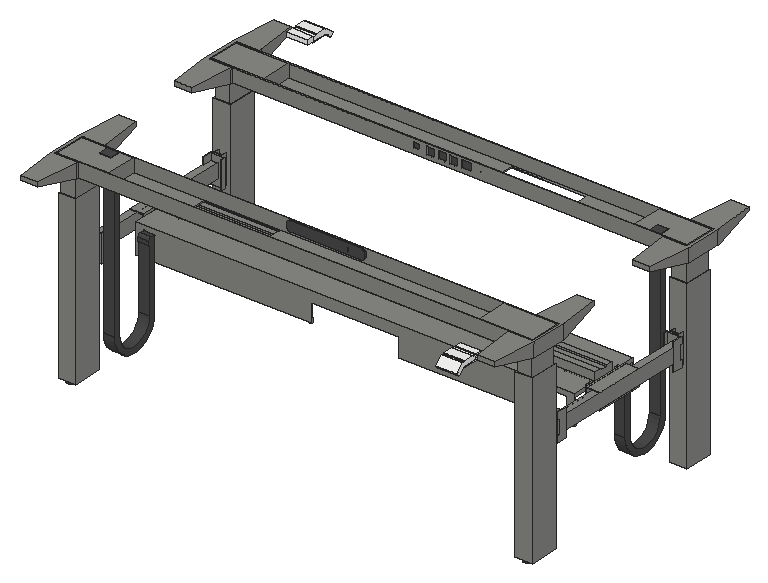
Revit family "Support-Teknion-HNBFNA_Navigate_Frame-R2016", category Furniture, Revit 2016 (continued)
Dimensions and locks (in)
  "Mid Cover Power Pole Cutout (B)": Sweep 67 sketch curve to level
  Sweep 67 sketch curve to plane 1 "Center Front/Back" to Sweep 67 sketch curve = 1.375" locked, 1.375" locked
  plane 10 to Sweep 67 sketch curve to Sweep 67 sketch curve = 1.53302" locked, 2.500" locked
  Sweep 68 sketch curve to plane 3 "Center Left/Right" to Sweep 68 sketch curve = 7.250" locked, 7.250" locked
  Sweep 68 sketch curve to Sweep 68 sketch curve to Sweep 68 sketch curve to plane 1 "Center Front/Back" to Sweep 68 sketch curve to Sweep 68 sketch curve to Sweep 68 sketch curve = 0.533" locked, 0.048" locked, 1.394" locked, 1.394" locked, 0.048" locked, 0.533" locked
  Sweep 68 sketch curve to Sweep 68 sketch curve to Sweep 68 sketch curve to Sweep 68 sketch curve to Sweep 68 sketch curve to Sweep 68 sketch curve to level = 0.000" locked, 0.048" locked, 0.000" locked, 4.054" locked, 0.048" locked, 11.1918" locked
  Sweep 69 sketch curve to plane 3 "Center Left/Right" to Sweep 69 sketch curve = 6.49606" locked, 6.49606" locked
  Sweep 69 sketch curve to Sweep 69 sketch curve to plane 1 "Center Front/Back" to Sweep 69 sketch curve to Sweep 69 sketch curve = 0.11811" locked, 1.442" locked, 1.442" locked, 0.11811" locked
  Sweep 69 sketch curve to Sweep 69 sketch curve to Sweep 69 sketch curve to Sweep 69 sketch curve to level = 0.000" locked, 2.87402" locked, 0.000" locked, 11.63618" locked
  Sweep 70 sketch curve to plane 1 "Center Front/Back" to Sweep 70 sketch curve = 1.975" locked, 1.975" locked
  Sweep 70 sketch curve to Sweep 70 sketch curve to Sweep 70 sketch curve to Sweep 70 sketch curve to Sweep 70 sketch curve to Sweep 70 sketch curve to Sweep 70 sketch curve to Sweep 70 sketch curve to Sweep 70 sketch curve to plane 3 "Center Left/Right" to Sweep 70 sketch curve to Sweep 70 sketch curve to Sweep 70 sketch curve to Sweep 70 sketch curve to Sweep 70 sketch curve to Sweep 70 sketch curve to Sweep 70 sketch curve to Sweep 70 sketch curve to Sweep 70 sketch curve = 0.11811" locked, 0.000" locked, 2.65748" locked, 0.000" locked, 0.11811" locked, 1.04921" locked, 0.05906" locked, 0.000" locked, 1.29528" locked, 1.29528" locked, 0.000" locked, 0.05906" locked, 1.04921" locked, 0.11811" locked, 0.000" locked, 2.65748" locked, 0.000" locked, 0.11811" locked
  Sweep 70 sketch curve to Sweep 70 sketch curve to Sweep 70 sketch curve to Sweep 70 sketch curve to Sweep 70 sketch curve to Sweep 70 sketch curve to Sweep 70 sketch curve to Sweep 70 sketch curve to Sweep 70 sketch curve to Sweep 70 sketch curve to Sweep 70 sketch curve to Sweep 70 sketch curve to Sweep 70 sketch curve to Sweep 70 sketch curve to Sweep 70 sketch curve to Sweep 70 sketch curve to Sweep 70 sketch curve to Sweep 70 sketch curve to level = 0.000" locked, 0.11811" locked, 0.000" locked, 0.000" locked, 0.000" locked, 0.07677" locked, 0.05906" locked, 0.000" locked, 1.26378" locked, 0.000" locked, 0.05906" locked, 0.07677" locked, 0.000" locked, 0.000" locked, 0.000" locked, 0.11811" locked, 0.000" locked, 11.97082" locked
  Sweep 71 sketch curve to Sweep 71 sketch curve to plane 1 "Center Front/Back" = 1.12573" locked, 0.59163" locked
  Sweep 71 sketch curve to Sweep 71 sketch curve to Sweep 71 sketch curve to Sweep 71 sketch curve to Sweep 71 sketch curve to Sweep 71 sketch curve to Sweep 71 sketch curve to Sweep 71 sketch curve to Sweep 71 sketch curve to Sweep 71 sketch curve to Sweep 71 sketch curve to Sweep 71 sketch curve to Sweep 71 sketch curve to Sweep 71 sketch curve to Sweep 71 sketch curve to Sweep 71 sketch curve to Sweep 71 sketch curve to Sweep 71 sketch curve to Sweep 71 sketch curve to Sweep 71 sketch curve to plane 3 "Center Left/Right" to Sweep 71 sketch curve to Sweep 71 sketch curve to Sweep 71 sketch curve to Sweep 71 sketch curve to Sweep 71 sketch curve to Sweep 71 sketch curve to Sweep 71 sketch curve to Sweep 71 sketch curve to Sweep 71 sketch curve to Sweep 71 sketch curve to Sweep 71 sketch curve to Sweep 71 sketch curve to Sweep 71 sketch curve to Sweep 71 sketch curve to Sweep 71 sketch curve to Sweep 71 sketch curve to Sweep 71 sketch curve to Sweep 71 sketch curve to Sweep 71 sketch curve to Sweep 71 sketch curve = 0.12362" locked, 0.00068" locked, 0.08285" locked, 0.0325" locked, 0.37676" locked, 0.0325" locked, 0.24712" locked, 0.000" locked, 0.15488" locked, 0.68724" locked, 0.0325" locked, 0.37676" locked, 0.0325" locked, 0.24712" locked, 0.000" locked, 0.15488" locked, 0.11517" locked, 0.00004" locked, 0.12495" locked, 2.4347" locked, 2.44402" locked, 0.12362" locked, 0.00068" locked, 0.08285" locked, 0.0325" locked, 0.37676" locked, 0.0325" locked, 0.24712" locked, 0.000" locked, 0.15488" locked, 0.68724" locked, 0.0325" locked, 0.37676" locked, 0.0325" locked, 0.24712" locked, 0.000" locked, 0.15488" locked, 0.11517" locked, 0.00004" locked, 0.12495" locked
  Sweep 71 sketch curve to Sweep 71 sketch curve to Sweep 71 sketch curve to Sweep 71 sketch curve to Sweep 71 sketch curve to Sweep 71 sketch curve to Sweep 71 sketch curve to Sweep 71 sketch curve to Sweep 71 sketch curve to Sweep 71 sketch curve to Sweep 71 sketch curve to Sweep 71 sketch curve to Sweep 71 sketch curve to Sweep 71 sketch curve to Sweep 71 sketch curve to Sweep 71 sketch curve to Sweep 71 sketch curve to Sweep 71 sketch curve to Sweep 71 sketch curve to Sweep 71 sketch curve to Sweep 71 sketch curve to Sweep 71 sketch curve to Sweep 71 sketch curve to Sweep 71 sketch curve to Sweep 71 sketch curve to Sweep 71 sketch curve to Sweep 71 sketch curve to Sweep 71 sketch curve to Sweep 71 sketch curve to Sweep 71 sketch curve to Sweep 71 sketch curve to Sweep 71 sketch curve to Sweep 71 sketch curve to Sweep 71 sketch curve to Sweep 71 sketch curve to Sweep 71 sketch curve to level = 0.000" locked, 0.12362" locked, 0.000" locked, 0.00137" locked, 0.000" locked, 0.39467" locked, 0.000" locked, 0.000" locked, 0.000" locked, 0.18676" locked, 0.000" locked, 0.000" locked, 0.000" locked, 0.00174" locked, 0.000" locked, 0.000" locked, 0.000" locked, 0.30976" locked, 0.000" locked, 0.000" locked, 0.000" locked, 0.00174" locked, 0.000" locked, 0.000" locked, 0.000" locked, 0.18676" locked, 0.000" locked, 0.000" locked, 0.000" locked, 0.39471" locked, 0.000" locked, 0.00064" locked, 0.000" locked, 0.1243" locked, 0.000" locked, 11.97825" locked
  Sweep 72 sketch curve to Sweep 72 sketch curve to plane 1 "Center Front/Back" = 1.12573" locked, 0.59163" locked
  Sweep 72 sketch curve to Sweep 72 sketch curve to Sweep 72 sketch curve to Sweep 72 sketch curve to Sweep 72 sketch curve to Sweep 72 sketch curve to Sweep 72 sketch curve to Sweep 72 sketch curve to Sweep 72 sketch curve to Sweep 72 sketch curve to Sweep 72 sketch curve to Sweep 72 sketch curve to Sweep 72 sketch curve to Sweep 72 sketch curve to Sweep 72 sketch curve to Sweep 72 sketch curve to Sweep 72 sketch curve to Sweep 72 sketch curve to Sweep 72 sketch curve to Sweep 72 sketch curve to plane 3 "Center Left/Right" to Sweep 72 sketch curve to Sweep 72 sketch curve to Sweep 72 sketch curve to Sweep 72 sketch curve to Sweep 72 sketch curve to Sweep 72 sketch curve to Sweep 72 sketch curve to Sweep 72 sketch curve to Sweep 72 sketch curve to Sweep 72 sketch curve to Sweep 72 sketch curve to Sweep 72 sketch curve to Sweep 72 sketch curve to Sweep 72 sketch curve to Sweep 72 sketch curve to Sweep 72 sketch curve to Sweep 72 sketch curve to Sweep 72 sketch curve to Sweep 72 sketch curve to Sweep 72 sketch curve = 0.12362" locked, 0.00068" locked, 0.08285" locked, 0.0325" locked, 0.37676" locked, 0.0325" locked, 0.24712" locked, 0.000" locked, 0.15488" locked, 0.68724" locked, 0.0325" locked, 0.37676" locked, 0.0325" locked, 0.24712" locked, 0.000" locked, 0.15488" locked, 0.11517" locked, 0.00004" locked, 0.12495" locked, 2.4347" locked, 2.44402" locked, 0.12362" locked, 0.00068" locked, 0.08285" locked, 0.0325" locked, 0.37676" locked, 0.0325" locked, 0.24712" locked, 0.000" locked, 0.15488" locked, 0.68724" locked, 0.0325" locked, 0.37676" locked, 0.0325" locked, 0.24712" locked, 0.000" locked, 0.15488" locked, 0.11517" locked, 0.00004" locked, 0.12495" locked
  Sweep 72 sketch curve to Sweep 72 sketch curve to Sweep 72 sketch curve to Sweep 72 sketch curve to Sweep 72 sketch curve to Sweep 72 sketch curve to Sweep 72 sketch curve to Sweep 72 sketch curve to Sweep 72 sketch curve to Sweep 72 sketch curve to Sweep 72 sketch curve to Sweep 72 sketch curve to Sweep 72 sketch curve to Sweep 72 sketch curve to Sweep 72 sketch curve to Sweep 72 sketch curve to Sweep 72 sketch curve to Sweep 72 sketch curve to Sweep 72 sketch curve to Sweep 72 sketch curve to Sweep 72 sketch curve to Sweep 72 sketch curve to Sweep 72 sketch curve to Sweep 72 sketch curve to Sweep 72 sketch curve to Sweep 72 sketch curve to Sweep 72 sketch curve to Sweep 72 sketch curve to Sweep 72 sketch curve to Sweep 72 sketch curve to Sweep 72 sketch curve to Sweep 72 sketch curve to Sweep 72 sketch curve to Sweep 72 sketch curve to Sweep 72 sketch curve to Sweep 72 sketch curve to level = 0.000" locked, 0.12362" locked, 0.000" locked, 0.00137" locked, 0.000" locked, 0.39467" locked, 0.000" locked, 0.000" locked, 0.000" locked, 0.18676" locked, 0.000" locked, 0.000" locked, 0.000" locked, 0.00174" locked, 0.000" locked, 0.000" locked, 0.000" locked, 0.30976" locked, 0.000" locked, 0.000" locked, 0.000" locked, 0.00174" locked, 0.000" locked, 0.000" locked, 0.000" locked, 0.18676" locked, 0.000" locked, 0.000" locked, 0.000" locked, 0.39471" locked, 0.000" locked, 0.00064" locked, 0.000" locked, 0.1243" locked, 0.000" locked, 11.97825" locked
  Sweep 73 sketch curve to Sweep 73 sketch curve to level = 13.500" locked, 0.03937" locked
  Sweep 73 sketch curve to Sweep 73 sketch curve to Sweep 73 sketch curve to plane 1 "Center Front/Back" to Sweep 73 sketch curve to Sweep 73 sketch curve to Sweep 73 sketch curve = 0.048" locked, 0.577" locked, 0.5561" locked, 0.5561" locked, 0.577" locked, 0.048" locked
  plane 12 to Sweep 73 sketch curve to Sweep 73 sketch curve to Sweep 73 sketch curve to Sweep 73 sketch curve to Sweep 73 sketch curve to Sweep 73 sketch curve = 3.00781" locked, 0.000" locked, 0.0478" locked, 0.000" locked, 2.26641" locked, 0.048" locked
  Sweep 74 sketch curve to Sweep 74 sketch curve to level = 0.0598" locked, 13.7459" locked
  plane 12 to Sweep 74 sketch curve to Sweep 74 sketch curve to Sweep 74 sketch curve to Sweep 74 sketch curve = 5.26242" locked, 0.250" locked, 0.000" locked, 1.375" locked
  Sweep 74 sketch curve to Sweep 74 sketch curve to plane 1 "Center Front/Back" to Sweep 74 sketch curve to Sweep 74 sketch curve = 0.47244" locked, 0.94488" locked, 0.94488" locked, 0.47244" locked
  Sweep 75 sketch curve to plane 1 "Center Front/Back" to Sweep 75 sketch curve = 0.94488" locked, 0.94488" locked
  Sweep 75 sketch curve to Sweep 75 sketch curve to Sweep 75 sketch curve to Sweep 75 sketch curve to Sweep 75 sketch curve to Sweep 75 sketch curve to plane 12 = 0.000" locked, 0.04743" locked, 0.01216" locked, 0.16744" locked, 2.000" locked, 3.09498" locked
  Sweep 75 sketch curve to Sweep 75 sketch curve to Sweep 75 sketch curve to Sweep 75 sketch curve to Sweep 75 sketch curve to level to Sweep 75 sketch curve = 4.5602" locked, 8.14633" locked, 0.9522" locked, 0.0478" locked, 0.03937" locked, 0.000" locked
  plane 12 to Sweep 76 sketch curve to Sweep 76 sketch curve = 12.28748" locked, 5.221" locked
  Sweep 76 sketch curve to Sweep 76 sketch curve to plane 1 "Center Front/Back" to Sweep 76 sketch curve to Sweep 76 sketch curve = 0.552" locked, 1.3605" locked, 1.3605" locked, 0.552" locked
  Sweep 76 sketch curve to Sweep 76 sketch curve to Sweep 76 sketch curve to Sweep 76 sketch curve to level = 0.048" locked, 0.000" locked, 4.99999" locked, 10.29381" locked
  Sweep 77 sketch curve to Sweep 77 sketch curve to level = 4.99999" locked, 10.34181" locked
  plane 12 to Sweep 77 sketch curve to Sweep 77 sketch curve to Sweep 77 sketch curve to Sweep 77 sketch curve to Sweep 77 sketch curve to Sweep 77 sketch curve to Sweep 77 sketch curve to Sweep 77 sketch curve to Sweep 77 sketch curve to Sweep 77 sketch curve to Sweep 77 sketch curve to Sweep 77 sketch curve to Sweep 77 sketch curve to Sweep 77 sketch curve = 12.28748" locked, 0.000" locked, 0.048" locked, 0.000" locked, 0.000" locked, 1.3125" locked, 1.15625" locked, 0.1875" locked, 1.15625" locked, 1.3125" locked, 0.000" locked, 0.000" locked, 0.048" locked, 0.000" locked
  Sweep 77 sketch curve to Sweep 77 sketch curve to Sweep 77 sketch curve to Sweep 77 sketch curve to Sweep 77 sketch curve to Sweep 77 sketch curve to Sweep 77 sketch curve to plane 1 "Center Front/Back" to Sweep 77 sketch curve to Sweep 77 sketch curve to Sweep 77 sketch curve to Sweep 77 sketch curve to Sweep 77 sketch curve to Sweep 77 sketch curve to Sweep 77 sketch curve = 0.000" locked, 0.000" locked, 0.40748" locked, 0.19252" locked, 0.030" locked, 0.000" locked, 1.2825" locked, 1.2825" locked, 0.000" locked, 0.030" locked, 0.048" locked, 0.552" locked, 0.000" locked, 0.000" locked
  plane 12 to Sweep 78 sketch curve to Sweep 78 sketch curve = 12.28748" locked, 5.221" locked
  Sweep 78 sketch curve to plane 1 "Center Front/Back" to Sweep 78 sketch curve = 1.3125" locked, 1.3125" locked
  Sweep 78 sketch curve to Sweep 78 sketch curve to level = 3.42299" locked, 11.91881" locked
  Sweep 79 sketch curve to plane 1 "Center Front/Back" to Sweep 79 sketch curve = 2.500" locked, 0.000" locked
  Sweep 79 sketch curve to Sweep 79 sketch curve to Sweep 79 sketch curve to Sweep 79 sketch curve to plane 12 = 0.62992" locked, 3.86516" locked, 0.62992" locked, 12.33548" locked
  Sweep 79 sketch curve to Sweep 79 sketch curve to Sweep 79 sketch curve to Sweep 79 sketch curve to level = 0.000" locked, 0.55118" locked, 0.000" locked, 14.64241" locked
  plane 1 "Center Front/Back" to Sweep 80 sketch curve to Sweep 80 sketch curve = 0.000" locked, 2.500" locked
  Sweep 80 sketch curve to Sweep 80 sketch curve to Sweep 80 sketch curve to Sweep 80 sketch curve to Sweep 80 sketch curve to Sweep 80 sketch curve to plane 12 = 1.3125" locked, 0.06545" locked, 0.39715" locked, 1.5748" locked, 0.4626" locked, 13.64798" locked
  Sweep 80 sketch curve to Sweep 80 sketch curve to Sweep 80 sketch curve to Sweep 80 sketch curve to Sweep 80 sketch curve to Sweep 80 sketch curve to level = 0.31495" locked, 0.000" locked, 2.83465" locked, 0.54331" locked, 0.47244" locked, 11.17646" locked
  Sweep 81 sketch curve to Sweep 81 sketch curve to level = 13.500" locked, 0.03937" locked
  Sweep 81 sketch curve to Sweep 81 sketch curve to Sweep 81 sketch curve to plane 1 "Center Front/Back" to Sweep 81 sketch curve to Sweep 81 sketch curve to Sweep 81 sketch curve = 0.048" locked, 0.577" locked, 0.5561" locked, 0.5561" locked, 0.577" locked, 0.048" locked
  plane 10 to Sweep 81 sketch curve to Sweep 81 sketch curve to Sweep 81 sketch curve to Sweep 81 sketch curve to Sweep 81 sketch curve to Sweep 81 sketch curve = 3.00781" locked, 0.000" locked, 0.0478" locked, 0.000" locked, 2.26641" locked, 0.048" locked
  Sweep 82 sketch curve to plane 1 "Center Front/Back" to Sweep 82 sketch curve = 0.94488" locked, 0.94488" locked
  Sweep 82 sketch curve to Sweep 82 sketch curve to Sweep 82 sketch curve to Sweep 82 sketch curve to Sweep 82 sketch curve to Sweep 82 sketch curve to plane 10 = 0.000" locked, 0.04743" locked, 0.01216" locked, 0.16744" locked, 2.000" locked, 3.09498" locked
  Sweep 82 sketch curve to Sweep 82 sketch curve to Sweep 82 sketch curve to Sweep 82 sketch curve to Sweep 82 sketch curve to Sweep 82 sketch curve to level = 4.5602" locked, 8.14633" locked, 0.9522" locked, 0.0478" locked, 0.03937" locked, 0.000" locked
  Sweep 83 sketch curve to Sweep 83 sketch curve to level = 0.0598" locked, 13.7459" locked
  plane 10 to Sweep 83 sketch curve to Sweep 83 sketch curve to Sweep 83 sketch curve to Sweep 83 sketch curve = 5.26242" locked, 0.250" locked, 0.000" locked, 1.375" locked
  Sweep 83 sketch curve to Sweep 83 sketch curve to plane 1 "Center Front/Back" to Sweep 83 sketch curve to Sweep 83 sketch curve = 0.47244" locked, 0.94488" locked, 0.94488" locked, 0.47244" locked
  Sweep 84 sketch curve to Sweep 84 sketch curve to plane 10 = 5.221" locked, 12.28748" locked
  Sweep 84 sketch curve to Sweep 84 sketch curve to plane 1 "Center Front/Back" to Sweep 84 sketch curve to Sweep 84 sketch curve = 0.552" locked, 1.3605" locked, 1.3605" locked, 0.552" locked
  Sweep 84 sketch curve to Sweep 84 sketch curve to Sweep 84 sketch curve to Sweep 84 sketch curve to level = 0.048" locked, 0.000" locked, 4.99999" locked, 10.29381" locked
  Sweep 85 sketch curve to Sweep 85 sketch curve to level = 4.99999" locked, 10.34181" locked
  Sweep 86 sketch curve to Sweep 86 sketch curve to plane 10 = 5.221" locked, 12.28748" locked
  Sweep 86 sketch curve to plane 1 "Center Front/Back" to Sweep 86 sketch curve = 1.3125" locked, 1.3125" locked
  Sweep 86 sketch curve to Sweep 86 sketch curve to level = 3.42299" locked, 11.91881" locked
  locked: plane 1 "Center Front/Back" to Sweep 87 sketch curve at 2.5
  Sweep 87 sketch curve to Sweep 87 sketch curve to Sweep 87 sketch curve to Sweep 87 sketch curve to plane 10 = 0.62992" locked, 3.86516" locked, 0.62992" locked, 12.33548" locked
  Sweep 87 sketch curve to Sweep 87 sketch curve to Sweep 87 sketch curve to Sweep 87 sketch curve to level = 0.000" locked, 0.55118" locked, 0.000" locked, 14.64241" locked
  locked: Sweep 88 sketch curve to plane 1 "Center Front/Back" at 2.5
  Sweep 88 sketch curve to Sweep 88 sketch curve to Sweep 88 sketch curve to Sweep 88 sketch curve to Sweep 88 sketch curve to Sweep 88 sketch curve to plane 10 = 1.3125" locked, 0.06545" locked, 0.39715" locked, 1.5748" locked, 0.4626" locked, 13.64798" locked
  Sweep 88 sketch curve to Sweep 88 sketch curve to Sweep 88 sketch curve to Sweep 88 sketch curve to Sweep 88 sketch curve to Sweep 88 sketch curve to level = 0.31495" locked, 0.000" locked, 2.83465" locked, 0.54331" locked, 0.47244" locked, 11.17646" locked
  plane 10 to Sweep 85 sketch curve to Sweep 85 sketch curve to Sweep 85 sketch curve to Sweep 85 sketch curve to Sweep 85 sketch curve to Sweep 85 sketch curve to Sweep 85 sketch curve to Sweep 85 sketch curve to Sweep 85 sketch curve to Sweep 85 sketch curve to Sweep 85 sketch curve to Sweep 85 sketch curve to Sweep 85 sketch curve to Sweep 85 sketch curve = 12.28748" locked, 0.000" locked, 0.048" locked, 0.000" locked, 0.000" locked, 1.3125" locked, 1.15625" locked, 0.1875" locked, 1.15625" locked, 1.3125" locked, 0.000" locked, 0.000" locked, 0.048" locked, 0.000" locked
  Sweep 85 sketch curve to Sweep 85 sketch curve to Sweep 85 sketch curve to Sweep 85 sketch curve to Sweep 85 sketch curve to Sweep 85 sketch curve to Sweep 85 sketch curve to plane 1 "Center Front/Back" to Sweep 85 sketch curve to Sweep 85 sketch curve to Sweep 85 sketch curve to Sweep 85 sketch curve to Sweep 85 sketch curve to Sweep 85 sketch curve to Sweep 85 sketch curve = 0.000" locked, 0.000" locked, 0.40748" locked, 0.19252" locked, 0.030" locked, 0.000" locked, 1.2825" locked, 1.2825" locked, 0.000" locked, 0.030" locked, 0.048" locked, 0.552" locked, 0.000" locked, 0.000" locked
  plane 12 to Sweep 89 sketch curve to Sweep 89 sketch curve = 4.18653" locked, 1.50394" locked
  Sweep 89 sketch curve to Sweep 89 sketch curve to Sweep 89 sketch curve to Sweep 89 sketch curve to Sweep 89 sketch curve to Sweep 89 sketch curve to Sweep 89 sketch curve to Sweep 89 sketch curve to Sweep 89 sketch curve to level = 0.150" locked, 0.19793" locked, 0.1879" locked, 0.51181" locked, 8.6942" locked, 0.000", 0.000", 0.000" locked, 5.57995" locked
  plane 8 "Top" to Sweep 89 sketch curve to Sweep 89 sketch curve to Sweep 89 sketch curve = 0.000" locked, 0.46233" locked, 0.40092" locked
  plane 1 "Center Front/Back" to Sweep 89 sketch curve to Sweep 89 sketch curve to Sweep 89 sketch curve to Sweep 89 sketch curve to Sweep 89 sketch curve to Sweep 89 sketch curve to Sweep 89 sketch curve to Sweep 89 sketch curve to Sweep 89 sketch curve to Sweep 89 sketch curve to Sweep 89 sketch curve = 4.16509" locked, 0.01823" locked, 0.750" locked, 0.00786" locked, 0.17325" locked, 0.49557" locked, 0.26427" locked, 0.12156" locked, 5.16638" locked, 0.75984" locked, 0.69441" locked
  plane 12 to Sweep 90 sketch curve to Sweep 90 sketch curve = 4.18653" locked, 1.50394" locked
  Sweep 90 sketch curve to Sweep 90 sketch curve to Sweep 90 sketch curve to Sweep 90 sketch curve to Sweep 90 sketch curve to Sweep 90 sketch curve to Sweep 90 sketch curve to Sweep 90 sketch curve to Sweep 90 sketch curve to level = 0.150" locked, 0.19793" locked, 0.1879" locked, 0.51181" locked, 8.6942" locked, 0.000" locked, 0.000" locked, 0.000" locked, 5.57995" locked
  Sweep 90 sketch curve to plane 8 "Top" to Sweep 90 sketch curve to Sweep 90 sketch curve = 0.000" locked, 0.46233" locked, 0.40092" locked
  Sweep 90 sketch curve to Sweep 90 sketch curve to Sweep 90 sketch curve to Sweep 90 sketch curve to Sweep 90 sketch curve to Sweep 90 sketch curve to Sweep 90 sketch curve to Sweep 90 sketch curve to Sweep 90 sketch curve to Sweep 90 sketch curve to Sweep 90 sketch curve to plane 1 "Center Front/Back" = 0.69441" locked, 0.75984" locked, 5.16638" locked, 0.12156" locked, 0.26427" locked, 0.49557" locked, 0.17325" locked, 0.00786" locked, 0.750" locked, 0.01823" locked, 4.16509" locked
  Sweep 91 sketch curve to Sweep 91 sketch curve to plane 10 = 1.50197" locked, 4.1885" locked
  Sweep 91 sketch curve to Sweep 91 sketch curve to Sweep 91 sketch curve to Sweep 91 sketch curve to Sweep 91 sketch curve to Sweep 91 sketch curve to Sweep 91 sketch curve to Sweep 91 sketch curve to Sweep 91 sketch curve to level = 0.150" locked, 0.19793" locked, 0.1879" locked, 0.51181" locked, 8.6942" locked, 0.000" locked, 0.000" locked, 0.000" locked, 5.57995" locked
  Sweep 91 sketch curve to plane 8 "Top" to Sweep 91 sketch curve to Sweep 91 sketch curve = 0.000" locked, 0.46233" locked, 0.40092" locked
  plane 1 "Center Front/Back" to Sweep 91 sketch curve to Sweep 91 sketch curve to Sweep 91 sketch curve to Sweep 91 sketch curve to Sweep 91 sketch curve to Sweep 91 sketch curve to Sweep 91 sketch curve to Sweep 91 sketch curve to Sweep 91 sketch curve to Sweep 91 sketch curve to Sweep 91 sketch curve = 4.16509" locked, 0.01823" locked, 0.750" locked, 0.00786" locked, 0.17325" locked, 0.49557" locked, 0.26427" locked, 0.12156" locked, 5.16638" locked, 0.75984" locked, 0.69441" locked
  Sweep 92 sketch curve to Sweep 92 sketch curve to plane 10 = 1.50197" locked, 4.1885" locked
  Sweep 92 sketch curve to Sweep 92 sketch curve to Sweep 92 sketch curve to Sweep 92 sketch curve to Sweep 92 sketch curve to Sweep 92 sketch curve to Sweep 92 sketch curve to Sweep 92 sketch curve to Sweep 92 sketch curve to level = 0.150" locked, 0.19793" locked, 0.1879" locked, 0.51181" locked, 8.6942" locked, 0.000" locked, 0.000" locked, 0.000" locked, 5.57995" locked
  Sweep 92 sketch curve to plane 8 "Top" to Sweep 92 sketch curve to Sweep 92 sketch curve = 0.000" locked, 0.46233" locked, 0.40092" locked
  Sweep 92 sketch curve to Sweep 92 sketch curve to Sweep 92 sketch curve to Sweep 92 sketch curve to Sweep 92 sketch curve to Sweep 92 sketch curve to Sweep 92 sketch curve to Sweep 92 sketch curve to Sweep 92 sketch curve to Sweep 92 sketch curve to Sweep 92 sketch curve to plane 1 "Center Front/Back" = 0.69441" locked, 0.75984" locked, 5.16638" locked, 0.12156" locked, 0.26427" locked, 0.49557" locked, 0.17325" locked, 0.00786" locked, 0.750" locked, 0.01823" locked, 4.16509" locked
  aligned and locked: level to plane 2
  aligned and locked: plane 3 "Center Left/Right" to Sweep 1 sketch curve
  aligned and locked: plane 3 "Center Left/Right" to Sweep 2 sketch curve
  aligned and locked: plane 3 "Center Left/Right" to Sweep 3 sketch curve
  aligned and locked: plane 8 "Top" to Sweep 3 sketch curve
  aligned and locked: plane 3 "Center Left/Right" to Sweep 4 sketch curve
  aligned and locked: plane 8 "Top" to Sweep 4 sketch curve
  aligned and locked: plane 12 to Sweep 5 sketch curve
  aligned and locked: plane 1 "Center Front/Back" to Sweep 5 sketch curve
  aligned and locked: plane 10 to Sweep 5 sketch curve
  aligned and locked: plane 1 "Center Front/Back" to Sweep 6 sketch curve
  aligned and locked: plane 3 "Center Left/Right" to Sweep 7 sketch curve
  aligned and locked: Sweep 8 sketch curve to plane 3 "Center Left/Right"
  aligned and locked: Sweep 9 sketch curve to plane 3 "Center Left/Right"
  aligned and locked: Sweep 10 sketch curve to plane 3 "Center Left/Right"
  aligned and locked: Sweep 11 sketch curve to plane 3 "Center Left/Right"
  aligned and locked: Sweep 12 sketch curve to plane 3 "Center Left/Right"
  aligned and locked: plane 8 "Top" to Sweep 13 sketch curve
  aligned and locked: plane 3 "Center Left/Right" to Sweep 13 sketch curve
  aligned and locked: Sweep 14 sketch curve to plane 3 "Center Left/Right"
  aligned and locked: plane 8 "Top" to Sweep 14 sketch curve
  aligned and locked: plane 3 "Center Left/Right" to Sweep 15 sketch curve
  aligned and locked: plane 3 "Center Left/Right" to Sweep 17 sketch curve
  aligned and locked: Sweep 18 sketch curve to plane 3 "Center Left/Right"
  aligned and locked: Sweep 19 sketch curve to plane 3 "Center Left/Right"
  aligned and locked: plane 13 to Sweep 20 sketch curve
  aligned and locked: Sweep 20 sketch curve to plane 3 "Center Left/Right"
  aligned and locked: plane 3 "Center Left/Right" to Sweep 21 sketch curve
  aligned and locked: plane 3 "Center Left/Right" to Sweep 22 sketch curve
  aligned and locked: level to Sweep 22 sketch curve
  aligned and locked: Sweep 23 sketch curve to plane 1 "Center Front/Back"
  aligned and locked: Sweep 23 sketch curve to plane 8 "Top"
  aligned and locked: plane 8 "Top" to Sweep 23 sketch curve
  aligned and locked: curve 1 to cut or joined group of Sweep 3, Sweep 5
  aligned and locked: curve 2 to cut or joined group of Sweep 3, Sweep 5
  aligned and locked: curve 3 to cut or joined group of Sweep 3, Sweep 5
  aligned and locked: curve 4 to cut or joined group of Sweep 3, Sweep 5
  aligned and locked: curve 5 to cut or joined group of Sweep 3, Sweep 5
  aligned and locked: curve 6 to cut or joined group of Sweep 3, Sweep 5
  aligned and locked: curve 7 to cut or joined group of Sweep 3, Sweep 5
  aligned and locked: curve 8 to cut or joined group of Sweep 3, Sweep 5
  aligned and locked: curve 9 to cut or joined group of Sweep 3, Sweep 5
  aligned and locked: curve 10 to cut or joined group of Sweep 6, Sweep 13, Sweep 14, Sweep 15, Sweep 16
  aligned and locked: curve 11 to cut or joined group of Sweep 6, Sweep 13, Sweep 14, Sweep 15, Sweep 16
  aligned and locked: curve 12 to cut or joined group of Sweep 3, Sweep 5
  aligned and locked: curve 13 to cut or joined group of Sweep 3, Sweep 5
  aligned and locked: curve 14 to cut or joined group of Sweep 3, Sweep 5
  aligned and locked: curve 15 to cut or joined group of Sweep 3, Sweep 5
  aligned and locked: curve 16 to cut or joined group of Sweep 3, Sweep 5
  aligned and locked: curve 17 to cut or joined group of Sweep 3, Sweep 5
  aligned and locked: curve 18 to cut or joined group of Sweep 3, Sweep 5
  aligned and locked: curve 19 to cut or joined group of Sweep 3, Sweep 5
  aligned and locked: curve 20 to cut or joined group of Sweep 3, Sweep 5
  aligned and locked: curve 21 to cut or joined group of Sweep 3, Sweep 5
  aligned and locked: curve 22 to cut or joined group of Sweep 3, Sweep 5
  aligned and locked: curve 23 to cut or joined group of Sweep 3, Sweep 5
  aligned and locked: curve 24 to cut or joined group of Sweep 3, Sweep 5
  aligned and locked: curve 25 to cut or joined group of Sweep 3, Sweep 5
  aligned and locked: curve 26 to cut or joined group of Sweep 3, Sweep 5
  aligned and locked: curve 27 to cut or joined group of Sweep 3, Sweep 5
  aligned and locked: curve 28 to cut or joined group of Sweep 3, Sweep 5
  aligned and locked: curve 29 to cut or joined group of Sweep 3, Sweep 5
  aligned and locked: curve 30 to cut or joined group of Sweep 3, Sweep 5
  aligned and locked: curve 31 to cut or joined group of Sweep 3, Sweep 5
  aligned and locked: curve 32 to cut or joined group of Sweep 3, Sweep 5
  aligned and locked: curve 33 to cut or joined group of Sweep 3, Sweep 5
  aligned and locked: curve 34 to cut or joined group of Sweep 3, Sweep 5
  aligned and locked: curve 35 to cut or joined group of Sweep 3, Sweep 5
  aligned and locked: curve 36 to cut or joined group of Sweep 3, Sweep 5
  aligned and locked: curve 37 to cut or joined group of Sweep 3, Sweep 5
  aligned and locked: curve 38 to cut or joined group of Sweep 6, Sweep 13, Sweep 14, Sweep 15, Sweep 16
  aligned and locked: curve 39 to cut or joined group of Sweep 6, Sweep 13, Sweep 14, Sweep 15, Sweep 16
  aligned and locked: curve 40 to cut or joined group of Sweep 3, Sweep 5
  aligned and locked: curve 41 to cut or joined group of Sweep 3, Sweep 5
  aligned and locked: curve 42 to cut or joined group of Sweep 3, Sweep 5
  aligned and locked: curve 43 to cut or joined group of Sweep 3, Sweep 5
  aligned and locked: curve 44 to cut or joined group of Sweep 3, Sweep 5
  aligned and locked: curve 45 to cut or joined group of Sweep 3, Sweep 5
  aligned and locked: curve 46 to cut or joined group of Sweep 3, Sweep 5
  aligned and locked: curve 47 to cut or joined group of Sweep 3, Sweep 5
  aligned and locked: curve 48 to cut or joined group of Sweep 3, Sweep 5
  aligned and locked: curve 49 to cut or joined group of Sweep 3, Sweep 5
  aligned and locked: curve 50 to cut or joined group of Sweep 3, Sweep 5
  aligned and locked: curve 51 to cut or joined group of Sweep 3, Sweep 5
  aligned and locked: curve 52 to Sweep 11
  aligned and locked: curve 53 to Sweep 11
  aligned and locked: curve 54 to cut or joined group of Sweep 7, Sweep 8, Sweep 9
  aligned and locked: curve 55 to cut or joined group of Sweep 7, Sweep 8, Sweep 9
  aligned and locked: curve 56 to cut or joined group of Sweep 7, Sweep 8, Sweep 9
  aligned and locked: curve 57 to cut or joined group of Sweep 7, Sweep 8, Sweep 9
  aligned and locked: curve 58 to cut or joined group of Sweep 7, Sweep 8, Sweep 9
  aligned and locked: curve 59 to cut or joined group of Sweep 7, Sweep 8, Sweep 9
  aligned and locked: curve 60 to Sweep 10
  aligned and locked: curve 61 to Sweep 10
  aligned and locked: curve 62 to cut or joined group of Sweep 7, Sweep 8, Sweep 9
  aligned and locked: curve 63 to cut or joined group of Sweep 7, Sweep 8, Sweep 9
  aligned and locked: curve 64 to cut or joined group of Sweep 7, Sweep 8, Sweep 9
  aligned and locked: curve 65 to cut or joined group of Sweep 7, Sweep 8, Sweep 9
  aligned and locked: curve 66 to cut or joined group of Sweep 7, Sweep 8, Sweep 9
  aligned and locked: curve 67 to cut or joined group of Sweep 7, Sweep 8, Sweep 9
  aligned and locked: curve 68 to cut or joined group of Sweep 7, Sweep 8, Sweep 9
  aligned and locked: curve 69 to Sweep 10
  aligned and locked: curve 70 to Sweep 10
  aligned and locked: curve 71 to cut or joined group of Sweep 7, Sweep 8, Sweep 9
  aligned and locked: curve 72 to cut or joined group of Sweep 7, Sweep 8, Sweep 9
  aligned and locked: curve 73 to cut or joined group of Sweep 7, Sweep 8, Sweep 9
  aligned and locked: curve 74 to cut or joined group of Sweep 7, Sweep 8, Sweep 9
  aligned and locked: curve 75 to cut or joined group of Sweep 7, Sweep 8, Sweep 9
  aligned and locked: curve 76 to Sweep 11
  aligned and locked: curve 77 to Sweep 11
  aligned and locked: curve 78 to cut or joined group of Sweep 7, Sweep 8, Sweep 9
  aligned and locked: curve 79 to cut or joined group of Sweep 7, Sweep 8, Sweep 9
  aligned and locked: curve 80 to cut or joined group of Sweep 7, Sweep 8, Sweep 9
  aligned and locked: curve 81 to cut or joined group of Sweep 7, Sweep 8, Sweep 9
  aligned and locked: curve 82 to cut or joined group of Sweep 7, Sweep 8, Sweep 9
  aligned and locked: curve 83 to cut or joined group of Sweep 7, Sweep 8, Sweep 9
  aligned and locked: curve 84 to cut or joined group of Sweep 7, Sweep 8, Sweep 9
  aligned and locked: curve 85 to cut or joined group of Sweep 7, Sweep 8, Sweep 9
  aligned and locked: curve 86 to cut or joined group of Sweep 7, Sweep 8, Sweep 9
  aligned and locked: curve 87 to Sweep 10
  aligned and locked: curve 88 to Sweep 10
  aligned and locked: curve 89 to Sweep 1
  aligned and locked: curve 90 to Sweep 1
  aligned and locked: curve 91 to Sweep 1
  aligned and locked: curve 92 to Sweep 1
  aligned and locked: curve 93 to Sweep 22
  aligned and locked: curve 94 to Sweep 22
  aligned and locked: curve 95 to Sweep 1
  aligned and locked: curve 96 to Sweep 1
  aligned and locked: curve 97 to Sweep 1
  aligned and locked: curve 98 to Sweep 1
  aligned and locked: curve 99 to Sweep 22
  aligned and locked: curve 100 to Sweep 22
  aligned and locked: curve 101 to Sweep 1
  aligned and locked: curve 102 to Sweep 1
  aligned and locked: curve 103 to Sweep 1
  aligned and locked: curve 104 to Sweep 1
  aligned and locked: curve 105 to Sweep 22
  aligned and locked: curve 106 to Sweep 22
  aligned and locked: curve 107 to Sweep 1
  aligned and locked: curve 108 to Sweep 1
  aligned and locked: curve 109 to Sweep 1
  aligned and locked: curve 110 to Sweep 1
  aligned and locked: curve 111 to Sweep 22
  aligned and locked: curve 112 to Sweep 22
  aligned and locked: curve 113 to Sweep 23
  aligned and locked: curve 114 to Sweep 23
  aligned and locked: curve 115 to Sweep 23
  aligned and locked: curve 116 to Sweep 24
  aligned and locked: curve 117 to Sweep 24
  aligned and locked: curve 118 to Sweep 24
  aligned and locked: curve 119 to cut or joined group of Sweep 3, Sweep 5
  aligned and locked: curve 120 to cut or joined group of Sweep 3, Sweep 5
  aligned and locked: curve 121 to Sweep 11
  aligned and locked: curve 122 to Sweep 11
  aligned and locked: curve 123 to Sweep 12
  aligned and locked: curve 124 to Sweep 12
  aligned and locked: curve 125 to Sweep 12
  aligned and locked: curve 126 to cut or joined group of Sweep 3, Sweep 5
  aligned and locked: curve 127 to cut or joined group of Sweep 3, Sweep 5
  aligned and locked: curve 128 to Sweep 12
  aligned and locked: curve 129 to Sweep 10
  aligned and locked: curve 130 to Sweep 10
  aligned and locked: curve 131 to Sweep 10
  aligned and locked: curve 132 to Sweep 21
  aligned and locked: curve 133 to Sweep 21
  aligned and locked: curve 134 to Sweep 21
  aligned and locked: curve 135 to Sweep 21
  aligned and locked: curve 136 to Sweep 21
  aligned and locked: curve 137 to Sweep 21
  aligned and locked: curve 138 to Sweep 10
  aligned and locked: curve 139 to Sweep 10
  aligned and locked: curve 140 to Sweep 10
  aligned and locked: curve 142 to Sweep 21
  aligned and locked: curve 143 to Sweep 21
  aligned and locked: curve 144 to Sweep 21
  aligned and locked: curve 145 to Sweep 21
  aligned and locked: curve 146 to Sweep 21
  aligned and locked: curve 147 to Sweep 21
  aligned and locked: curve 148 to cut or joined group of Sweep 3, Sweep 5
  aligned and locked: curve 149 to cut or joined group of Sweep 3, Sweep 5
  aligned and locked: curve 150 to Sweep 10
  aligned and locked: curve 151 to Sweep 10
  aligned and locked: curve 152 to Sweep 10
  aligned and locked: curve 153 to Sweep 21
  aligned and locked: curve 154 to Sweep 21
  aligned and locked: curve 155 to Sweep 21
  aligned and locked: curve 156 to Sweep 21
  aligned and locked: curve 157 to Sweep 21
  aligned and locked: curve 158 to Sweep 21
  aligned and locked: curve 159 to Sweep 11
  aligned and locked: curve 160 to Sweep 11
  aligned and locked: Sweep 12 to curve 161
  aligned and locked: curve 162 to Sweep 12
  aligned and locked: curve 163 to Sweep 12
  aligned and locked: curve 164 to Sweep 12
  aligned and locked: curve 165 to cut or joined group of Sweep 3, Sweep 5
  aligned and locked: curve 166 to Sweep 10
  aligned and locked: curve 167 to Sweep 10
  aligned and locked: curve 168 to Sweep 10
  aligned and locked: curve 169 to cut or joined group of Sweep 3, Sweep 5
  aligned and locked: curve 170 to Sweep 21
  aligned and locked: curve 171 to Sweep 21
  aligned and locked: curve 172 to Sweep 21
  aligned and locked: curve 173 to Sweep 21
  aligned and locked: curve 174 to Sweep 21
  aligned and locked: curve 175 to Sweep 21
  aligned and locked: curve 176 to cut or joined group of Sweep 6, Sweep 13, Sweep 14, Sweep 15, Sweep 16
  aligned and locked: curve 177 to Sweep 4
  aligned and locked: curve 178 to Sweep 4
  aligned and locked: curve 179 to Sweep 4
  aligned and locked: curve 180 to cut or joined group of Sweep 6, Sweep 13, Sweep 14, Sweep 15, Sweep 16
  aligned and locked: curve 181 to cut or joined group of Sweep 6, Sweep 13, Sweep 14, Sweep 15, Sweep 16
  aligned and locked: curve 182 to Sweep 2
  aligned and locked: curve 183 to Sweep 2
  aligned and locked: curve 184 to Sweep 2
  aligned and locked: curve 185 to Sweep 2
  aligned and locked: curve 186 to Sweep 4
  aligned and locked: curve 187 to Sweep 4
  aligned and locked: curve 188 to Sweep 4
  aligned and locked: curve 189 to cut or joined group of Sweep 6, Sweep 13, Sweep 14, Sweep 15, Sweep 16
  aligned and locked: curve 190 to Sweep 2
  aligned and locked: curve 191 to Sweep 2
  aligned and locked: curve 192 to Sweep 2
  aligned and locked: curve 193 to Sweep 2
  aligned and locked: curve 194 to cut or joined group of Sweep 6, Sweep 13, Sweep 14, Sweep 15, Sweep 16
  aligned and locked: curve 195 to cut or joined group of Sweep 6, Sweep 13, Sweep 14, Sweep 15, Sweep 16
  aligned and locked: curve 196 to Sweep 4
  aligned and locked: curve 197 to Sweep 4
  aligned and locked: curve 198 to Sweep 4
  aligned and locked: curve 199 to cut or joined group of Sweep 6, Sweep 13, Sweep 14, Sweep 15, Sweep 16
  aligned and locked: curve 200 to Sweep 2
  aligned and locked: curve 201 to Sweep 2
  aligned and locked: curve 202 to Sweep 2
  aligned and locked: curve 203 to Sweep 2
  aligned and locked: curve 204 to cut or joined group of Sweep 6, Sweep 13, Sweep 14, Sweep 15, Sweep 16
  aligned and locked: curve 205 to Sweep 4
  aligned and locked: curve 206 to Sweep 4
  aligned and locked: curve 207 to Sweep 4
  aligned and locked: curve 208 to Sweep 2
  aligned and locked: curve 209 to Sweep 2
  aligned and locked: curve 210 to Sweep 2
  aligned and locked: curve 211 to Sweep 2
  aligned and locked: curve 216 to cut or joined group of Sweep 6, Sweep 13, Sweep 14, Sweep 15, Sweep 16
  aligned and locked: curve 217 to cut or joined group of Sweep 6, Sweep 13, Sweep 14, Sweep 15, Sweep 16
  aligned and locked: curve 218 to cut or joined group of Sweep 6, Sweep 13, Sweep 14, Sweep 15, Sweep 16
  aligned and locked: curve 219 to cut or joined group of Sweep 6, Sweep 13, Sweep 14, Sweep 15, Sweep 16
  aligned and locked: curve 220 to cut or joined group of Sweep 6, Sweep 13, Sweep 14, Sweep 15, Sweep 16
  aligned and locked: curve 221 to cut or joined group of Sweep 6, Sweep 13, Sweep 14, Sweep 15, Sweep 16
  aligned and locked: curve 222 to cut or joined group of Sweep 6, Sweep 13, Sweep 14, Sweep 15, Sweep 16
  aligned and locked: curve 223 to cut or joined group of Sweep 6, Sweep 13, Sweep 14, Sweep 15, Sweep 16
  aligned and locked: curve 224 to Sweep 20
  aligned and locked: curve 225 to Sweep 20
  aligned and locked: curve 226 to Sweep 20
  aligned and locked: curve 227 to Sweep 20
  aligned and locked: curve 228 to Sweep 20
  aligned and locked: curve 229 to Sweep 20
  aligned and locked: curve 230 to Sweep 20
  aligned and locked: curve 231 to Sweep 20
  aligned and locked: curve 232 to Sweep 20
  aligned and locked: curve 233 to Sweep 20
  aligned and locked: curve 234 to Sweep 20
  aligned and locked: curve 235 to Sweep 20
  aligned and locked: curve 236 to Sweep 20
  aligned and locked: curve 237 to Sweep 20
  aligned and locked: curve 238 to Sweep 20
  aligned and locked: curve 239 to Sweep 20
  aligned and locked: plane 1 "Center Front/Back" to Sweep 25 sketch curve
  aligned and locked: plane 3 "Center Left/Right" to Sweep 26 sketch curve
  aligned and locked: plane 3 "Center Left/Right" to Sweep 27 sketch curve
  aligned and locked: plane 3 "Center Left/Right" to Sweep 28 sketch curve
  aligned and locked: plane 1 "Center Front/Back" to Sweep 29 sketch curve
  aligned and locked: plane 1 "Center Front/Back" to Sweep 30 sketch curve
  aligned and locked: plane 1 "Center Front/Back" to Sweep 31 sketch curve
  aligned and locked: Sweep 31 sketch curve to plane 3 "Center Left/Right"
  aligned and locked: Sweep 32 sketch curve to plane 3 "Center Left/Right"
  aligned and locked: plane 3 "Center Left/Right" to Sweep 33 sketch curve
  aligned and locked: plane 1 "Center Front/Back" to Sweep 34 sketch curve
  aligned and locked: plane 1 "Center Front/Back" to Sweep 35 sketch curve
  aligned and locked: plane 3 "Center Left/Right" to Sweep 36 sketch curve
  aligned and locked: plane 1 "Center Front/Back" to Sweep 36 sketch curve
  aligned and locked: Sweep 37 sketch curve to plane 3 "Center Left/Right"
  aligned and locked: plane 3 "Center Left/Right" to Sweep 38 sketch curve
  aligned and locked: plane 1 "Center Front/Back" to Sweep 39 sketch curve
  aligned and locked: curve 240 to cut or joined group of Sweep 35, Sweep 36, Sweep 37
  aligned and locked: curve 241 to cut or joined group of Sweep 35, Sweep 36, Sweep 37
  aligned and locked: curve 242 to cut or joined group of Sweep 35, Sweep 36, Sweep 37
  aligned and locked: curve 243 to cut or joined group of Sweep 35, Sweep 36, Sweep 37
  aligned and locked: curve 244 to cut or joined group of Sweep 35, Sweep 36, Sweep 37
  aligned and locked: curve 245 to cut or joined group of Sweep 35, Sweep 36, Sweep 37
  aligned and locked: curve 246 to cut or joined group of Sweep 35, Sweep 36, Sweep 37
  aligned and locked: curve 247 to cut or joined group of Sweep 35, Sweep 36, Sweep 37
  aligned and locked: curve 248 to cut or joined group of Sweep 27, Sweep 29
  aligned and locked: curve 249 to cut or joined group of Sweep 27, Sweep 29
  aligned and locked: cut or joined group of Sweep 27, Sweep 29 to curve 250
  aligned and locked: curve 251 to cut or joined group of Sweep 27, Sweep 29
  aligned and locked: curve 252 to cut or joined group of Sweep 27, Sweep 29
  aligned and locked: curve 253 to cut or joined group of Sweep 27, Sweep 29
  aligned and locked: curve 254 to cut or joined group of Sweep 27, Sweep 29
  aligned and locked: curve 255 to cut or joined group of Sweep 27, Sweep 29
  aligned and locked: curve 256 to cut or joined group of Sweep 27, Sweep 29
  aligned and locked: curve 257 to cut or joined group of Sweep 27, Sweep 29
  aligned and locked: curve 258 to cut or joined group of Sweep 27, Sweep 29
  aligned and locked: curve 259 to cut or joined group of Sweep 27, Sweep 29
  aligned and locked: curve 260 to cut or joined group of Sweep 33, Sweep 34
  aligned and locked: curve 261 to cut or joined group of Sweep 33, Sweep 34
  aligned and locked: curve 262 to cut or joined group of Sweep 33, Sweep 34
  aligned and locked: cut or joined group of Sweep 33, Sweep 34 to curve 263
  aligned and locked: curve 264 to cut or joined group of Sweep 33, Sweep 34
  aligned and locked: curve 265 to cut or joined group of Sweep 33, Sweep 34
  aligned and locked: curve 266 to cut or joined group of Sweep 33, Sweep 34
  aligned and locked: curve 267 to cut or joined group of Sweep 33, Sweep 34
  aligned and locked: curve 268 to cut or joined group of Sweep 38, Sweep 39
  aligned and locked: cut or joined group of Sweep 38, Sweep 39 to curve 269
  aligned and locked: curve 270 to cut or joined group of Sweep 38, Sweep 39
  aligned and locked: curve 271 to cut or joined group of Sweep 38, Sweep 39
  aligned and locked: curve 272 to cut or joined group of Sweep 38, Sweep 39
  aligned and locked: curve 273 to cut or joined group of Sweep 38, Sweep 39
  aligned and locked: curve 274 to cut or joined group of Sweep 38, Sweep 39
  aligned and locked: curve 275 to cut or joined group of Sweep 38, Sweep 39
  aligned and locked: plane 3 "Center Left/Right" to Sweep 40 sketch curve
  aligned and locked: plane 3 "Center Left/Right" to Sweep 41 sketch curve
  aligned and locked: plane 3 "Center Left/Right" to Sweep 42 sketch curve
  aligned and locked: plane 3 "Center Left/Right" to Sweep 43 sketch curve
  aligned and locked: plane 3 "Center Left/Right" to Sweep 44 sketch curve
  aligned and locked: plane 1 "Center Front/Back" to Sweep 45 sketch curve
  aligned and locked: curve 276 to cut or joined group of Sweep 40, Sweep 41, Sweep 44, Sweep 45
  aligned and locked: curve 277 to cut or joined group of Sweep 40, Sweep 41, Sweep 44, Sweep 45
  aligned and locked: curve 278 to cut or joined group of Sweep 40, Sweep 41, Sweep 44, Sweep 45
  aligned and locked: curve 279 to cut or joined group of Sweep 40, Sweep 41, Sweep 44, Sweep 45
  aligned and locked: curve 280 to cut or joined group of Sweep 42, Sweep 43, Sweep 44, Sweep 45
  aligned and locked: curve 281 to cut or joined group of Sweep 42, Sweep 43, Sweep 44, Sweep 45
  aligned and locked: curve 282 to cut or joined group of Sweep 42, Sweep 43, Sweep 44, Sweep 45
  aligned and locked: curve 283 to cut or joined group of Sweep 42, Sweep 43, Sweep 44, Sweep 45
  aligned and locked: curve 284 to cut or joined group of Sweep 40, Sweep 41, Sweep 44, Sweep 45
  aligned and locked: curve 285 to cut or joined group of Sweep 40, Sweep 41, Sweep 44, Sweep 45
  aligned and locked: curve 286 to cut or joined group of Sweep 40, Sweep 41, Sweep 44, Sweep 45
  aligned and locked: curve 287 to cut or joined group of Sweep 40, Sweep 41, Sweep 44, Sweep 45
  aligned and locked: curve 288 to cut or joined group of Sweep 42, Sweep 43, Sweep 44, Sweep 45
  aligned and locked: curve 289 to cut or joined group of Sweep 42, Sweep 43, Sweep 44, Sweep 45
  aligned and locked: curve 290 to cut or joined group of Sweep 42, Sweep 43, Sweep 44, Sweep 45
  aligned and locked: curve 291 to cut or joined group of Sweep 42, Sweep 43, Sweep 44, Sweep 45
  aligned and locked: curve 292 to cut or joined group of Sweep 42, Sweep 43, Sweep 44, Sweep 45
  aligned and locked: curve 293 to cut or joined group of Sweep 42, Sweep 43, Sweep 44, Sweep 45
  aligned and locked: curve 294 to cut or joined group of Sweep 42, Sweep 43, Sweep 44, Sweep 45
  aligned and locked: curve 295 to cut or joined group of Sweep 42, Sweep 43, Sweep 44, Sweep 45
  aligned and locked: curve 296 to cut or joined group of Sweep 40, Sweep 41, Sweep 44, Sweep 45
  aligned and locked: curve 297 to cut or joined group of Sweep 40, Sweep 41, Sweep 44, Sweep 45
  aligned and locked: curve 298 to cut or joined group of Sweep 40, Sweep 41, Sweep 44, Sweep 45
  aligned and locked: curve 299 to cut or joined group of Sweep 40, Sweep 41, Sweep 44, Sweep 45
  aligned and locked: plane 3 "Center Left/Right" to Sweep 46 sketch curve
  aligned and locked: plane 3 "Center Left/Right" to Sweep 47 sketch curve
  aligned and locked: plane 1 "Center Front/Back" to Sweep 48 sketch curve
  aligned and locked: curve 300 to cut or joined group of Sweep 46, Sweep 48
  aligned and locked: curve 301 to cut or joined group of Sweep 46, Sweep 48
  aligned and locked: curve 302 to cut or joined group of Sweep 46, Sweep 48
  aligned and locked: curve 304 to cut or joined group of Sweep 47, Sweep 48
  aligned and locked: curve 305 to cut or joined group of Sweep 47, Sweep 48
  aligned and locked: curve 306 to cut or joined group of Sweep 47, Sweep 48
  aligned and locked: curve 307 to cut or joined group of Sweep 47, Sweep 48
  aligned and locked: curve 308 to cut or joined group of Sweep 46, Sweep 48
  aligned and locked: curve 309 to cut or joined group of Sweep 46, Sweep 48
  aligned and locked: curve 310 to cut or joined group of Sweep 46, Sweep 48
  aligned and locked: curve 311 to cut or joined group of Sweep 46, Sweep 48
  aligned and locked: curve 312 to cut or joined group of Sweep 47, Sweep 48
  aligned and locked: curve 313 to cut or joined group of Sweep 47, Sweep 48
  aligned and locked: curve 314 to cut or joined group of Sweep 47, Sweep 48
  aligned and locked: curve 315 to cut or joined group of Sweep 47, Sweep 48
  aligned and locked: Sweep 49 sketch curve to plane 3 "Center Left/Right"
  aligned and locked: plane 3 "Center Left/Right" to Sweep 50 sketch curve
  aligned and locked: Sweep 51 sketch curve to plane 1 "Center Front/Back"
  aligned and locked: plane 12 to Sweep 52 sketch curve
  aligned and locked: plane 1 "Center Front/Back" to Sweep 52 sketch curve
  aligned and locked: plane 10 to Sweep 52 sketch curve
  aligned and locked: Sweep 53 sketch curve to plane 3 "Center Left/Right"
  aligned and locked: plane 3 "Center Left/Right" to Sweep 54 sketch curve
  aligned and locked: plane 1 "Center Front/Back" to Sweep 55 sketch curve
  aligned and locked: curve 316 to cut or joined group of Sweep 49, Sweep 50, Sweep 51, Sweep 52
  aligned and locked: curve 317 to cut or joined group of Sweep 49, Sweep 50, Sweep 51, Sweep 52
  aligned and locked: curve 318 to cut or joined group of Sweep 49, Sweep 50, Sweep 51, Sweep 52
  aligned and locked: curve 319 to cut or joined group of Sweep 49, Sweep 50, Sweep 51, Sweep 52
  aligned and locked: curve 320 to cut or joined group of Sweep 52, Sweep 53, Sweep 54, Sweep 55
  aligned and locked: curve 321 to cut or joined group of Sweep 52, Sweep 53, Sweep 54, Sweep 55
  aligned and locked: curve 322 to cut or joined group of Sweep 52, Sweep 53, Sweep 54, Sweep 55
  aligned and locked: curve 323 to cut or joined group of Sweep 52, Sweep 53, Sweep 54, Sweep 55
  aligned and locked: plane 3 "Center Left/Right" to Sweep 56 sketch curve
  aligned and locked: plane 1 "Center Front/Back" to Sweep 57 sketch curve
  aligned and locked: plane 3 "Center Left/Right" to Sweep 58 sketch curve
  aligned and locked: Sweep 59 sketch curve to plane 1 "Center Front/Back"
  aligned and locked: plane 1 "Center Front/Back" to Sweep 60 sketch curve
  aligned and locked: Sweep 61 sketch curve to plane 3 "Center Left/Right"
  aligned and locked: curve 324 to cut or joined group of Sweep 56, Sweep 60, Sweep 61
  aligned and locked: curve 325 to cut or joined group of Sweep 56, Sweep 60, Sweep 61
  aligned and locked: curve 326 to cut or joined group of Sweep 56, Sweep 60, Sweep 61
  aligned and locked: curve 327 to cut or joined group of Sweep 56, Sweep 60, Sweep 61
  aligned and locked: curve 328 to cut or joined group of Sweep 56, Sweep 60, Sweep 61
  aligned and locked: curve 329 to cut or joined group of Sweep 56, Sweep 60, Sweep 61
  aligned and locked: curve 330 to Sweep 57
  aligned and locked: curve 331 to Sweep 57
  aligned and locked: curve 332 to cut or joined group of Sweep 56, Sweep 60, Sweep 61
  aligned and locked: curve 333 to cut or joined group of Sweep 56, Sweep 60, Sweep 61
  aligned and locked: curve 334 to cut or joined group of Sweep 56, Sweep 60, Sweep 61
  aligned and locked: curve 335 to cut or joined group of Sweep 56, Sweep 60, Sweep 61
  aligned and locked: curve 336 to cut or joined group of Sweep 56, Sweep 60, Sweep 61
  aligned and locked: curve 337 to cut or joined group of Sweep 56, Sweep 60, Sweep 61
  aligned and locked: curve 338 to cut or joined group of Sweep 56, Sweep 60, Sweep 61
  aligned and locked: curve 339 to cut or joined group of Sweep 56, Sweep 60, Sweep 61
  aligned and locked: curve 340 to Sweep 57
  aligned and locked: curve 341 to Sweep 57
  aligned and locked: curve 342 to cut or joined group of Sweep 56, Sweep 60, Sweep 61
  aligned and locked: curve 343 to cut or joined group of Sweep 56, Sweep 60, Sweep 61
  aligned and locked: curve 344 to cut or joined group of Sweep 56, Sweep 60, Sweep 61
  aligned and locked: curve 345 to cut or joined group of Sweep 56, Sweep 60, Sweep 61
  aligned and locked: curve 346 to cut or joined group of Sweep 56, Sweep 60, Sweep 61
  aligned and locked: curve 347 to Sweep 57
  aligned and locked: curve 348 to Sweep 57
  aligned and locked: curve 349 to Sweep 57
  aligned and locked: curve 350 to Sweep 57
  aligned and locked: curve 352 to cut or joined group of Sweep 58, Sweep 60, Sweep 61
  aligned and locked: curve 353 to cut or joined group of Sweep 58, Sweep 60, Sweep 61
  aligned and locked: curve 354 to cut or joined group of Sweep 58, Sweep 60, Sweep 61
  aligned and locked: curve 355 to cut or joined group of Sweep 58, Sweep 60, Sweep 61
  aligned and locked: curve 351 to cut or joined group of Sweep 58, Sweep 60, Sweep 61
  aligned and locked: curve 356 to Sweep 59
  aligned and locked: curve 357 to Sweep 59
  aligned and locked: curve 358 to cut or joined group of Sweep 58, Sweep 60, Sweep 61
  aligned and locked: curve 359 to cut or joined group of Sweep 58, Sweep 60, Sweep 61
  aligned and locked: curve 360 to cut or joined group of Sweep 58, Sweep 60, Sweep 61
  aligned and locked: curve 361 to cut or joined group of Sweep 58, Sweep 60, Sweep 61
  aligned and locked: curve 362 to cut or joined group of Sweep 58, Sweep 60, Sweep 61
  aligned and locked: curve 363 to cut or joined group of Sweep 58, Sweep 60, Sweep 61
  aligned and locked: curve 364 to cut or joined group of Sweep 58, Sweep 60, Sweep 61
  aligned and locked: curve 365 to cut or joined group of Sweep 58, Sweep 60, Sweep 61
  aligned and locked: curve 366 to cut or joined group of Sweep 58, Sweep 60, Sweep 61
  aligned and locked: curve 367 to Sweep 59
  aligned and locked: curve 368 to Sweep 59
  aligned and locked: curve 369 to cut or joined group of Sweep 58, Sweep 60, Sweep 61
  aligned and locked: curve 370 to cut or joined group of Sweep 58, Sweep 60, Sweep 61
  aligned and locked: curve 371 to cut or joined group of Sweep 58, Sweep 60, Sweep 61
  aligned and locked: curve 372 to cut or joined group of Sweep 58, Sweep 60, Sweep 61
  aligned and locked: curve 376 to Sweep 59
  aligned and locked: curve 375 to Sweep 59
  aligned and locked: curve 374 to Sweep 59
  aligned and locked: plane 3 "Center Left/Right" to Sweep 62 sketch curve
  aligned and locked: plane 5 "Right" to curve 377
  aligned and locked: plane 7 "Front" to curve 377
  aligned and locked: plane 4 "Left" to curve 377
  aligned and locked: plane 4 "Left" to curve 378
  aligned and locked: plane 5 "Right" to curve 378
  aligned and locked: curve 378 to plane 6 "Back"
  aligned and locked: plane 3 "Center Left/Right" to Sweep 63 sketch curve
  aligned and locked: Sweep 64 sketch curve to plane 3 "Center Left/Right"
  aligned and locked: plane 1 "Center Front/Back" to Sweep 65 sketch curve
  aligned and locked: level to Sweep 66 sketch curve
  aligned and locked: plane 3 "Center Left/Right" to Sweep 66 sketch curve
  aligned and locked: level to Sweep 67 sketch curve
  aligned and locked: plane 3 "Center Left/Right" to Sweep 67 sketch curve
  aligned and locked: plane 1 "Center Front/Back" to Sweep 68 sketch curve
  aligned and locked: Sweep 70 sketch curve to plane 3 "Center Left/Right"
  aligned and locked: plane 3 "Center Left/Right" to Sweep 71 sketch curve
  aligned and locked: plane 3 "Center Left/Right" to Sweep 72 sketch curve
  aligned and locked: curve 379 to cut or joined group of Sweep 62, Sweep 64, Sweep 65, Sweep 66
  aligned and locked: curve 380 to cut or joined group of Sweep 62, Sweep 64, Sweep 65, Sweep 66
  aligned and locked: curve 381 to cut or joined group of Sweep 62, Sweep 64, Sweep 65, Sweep 66
  aligned and locked: curve 382 to cut or joined group of Sweep 62, Sweep 64, Sweep 65, Sweep 66
  aligned and locked: curve 383 to cut or joined group of Sweep 63, Sweep 64, Sweep 65, Sweep 67
  aligned and locked: curve 384 to cut or joined group of Sweep 63, Sweep 64, Sweep 65, Sweep 67
  aligned and locked: curve 385 to cut or joined group of Sweep 63, Sweep 64, Sweep 65, Sweep 67
  aligned and locked: curve 386 to cut or joined group of Sweep 63, Sweep 64, Sweep 65, Sweep 67
  aligned and locked: curve 387 to cut or joined group of Sweep 62, Sweep 64, Sweep 65, Sweep 66
  aligned and locked: curve 388 to cut or joined group of Sweep 62, Sweep 64, Sweep 65, Sweep 66
  aligned and locked: curve 389 to cut or joined group of Sweep 62, Sweep 64, Sweep 65, Sweep 66
  aligned and locked: curve 390 to cut or joined group of Sweep 62, Sweep 64, Sweep 65, Sweep 66
  aligned and locked: curve 391 to cut or joined group of Sweep 63, Sweep 64, Sweep 65, Sweep 67
  aligned and locked: curve 392 to cut or joined group of Sweep 63, Sweep 64, Sweep 65, Sweep 67
  aligned and locked: curve 393 to cut or joined group of Sweep 63, Sweep 64, Sweep 65, Sweep 67
  aligned and locked: curve 394 to cut or joined group of Sweep 63, Sweep 64, Sweep 65, Sweep 67
  aligned and locked: curve 395 to cut or joined group of Sweep 68, Sweep 70
  aligned and locked: curve 396 to cut or joined group of Sweep 68, Sweep 70
  aligned and locked: curve 397 to cut or joined group of Sweep 68, Sweep 70
  aligned and locked: curve 398 to cut or joined group of Sweep 68, Sweep 70
  aligned and locked: curve 399 to cut or joined group of Sweep 68, Sweep 70
  aligned and locked: curve 400 to cut or joined group of Sweep 68, Sweep 70
  aligned and locked: curve 401 to cut or joined group of Sweep 68, Sweep 70
  aligned and locked: curve 402 to cut or joined group of Sweep 68, Sweep 70
  aligned and locked: cut or joined group of Sweep 69, Sweep 70 to curve 403
  aligned and locked: curve 404 to cut or joined group of Sweep 69, Sweep 70
  aligned and locked: curve 405 to cut or joined group of Sweep 69, Sweep 70
  aligned and locked: curve 406 to cut or joined group of Sweep 69, Sweep 70
  aligned and locked: curve 407 to cut or joined group of Sweep 69, Sweep 70
  aligned and locked: curve 408 to cut or joined group of Sweep 69, Sweep 70
  aligned and locked: Sweep 72 to curve 409
  aligned and locked: curve 410 to Sweep 72
  aligned and locked: Sweep 72 to curve 411
  aligned and locked: curve 412 to Sweep 72
  aligned and locked: Sweep 72 to curve 413
  aligned and locked: curve 414 to Sweep 72
  aligned and locked: curve 415 to Sweep 72
  aligned and locked: curve 416 to Sweep 72
  aligned and locked: curve 417 to Sweep 71
  aligned and locked: curve 418 to Sweep 71
  aligned and locked: curve 419 to Sweep 71
  aligned and locked: curve 420 to Sweep 71
  aligned and locked: Sweep 71 to curve 421
  aligned and locked: curve 422 to Sweep 71
  aligned and locked: curve 423 to Sweep 71
  aligned and locked: curve 424 to Sweep 71
  aligned and locked: curve 425 to cut or joined group of Sweep 7, Sweep 8, Sweep 9
  aligned and locked: plane 3 "Center Left/Right" to Sweep 73 sketch curve
  aligned and locked: Sweep 74 sketch curve to plane 3 "Center Left/Right"
  aligned and locked: Sweep 75 sketch curve to plane 3 "Center Left/Right"
  aligned and locked: plane 1 "Center Front/Back" to Sweep 76 sketch curve
  aligned and locked: plane 3 "Center Left/Right" to Sweep 77 sketch curve
  aligned and locked: plane 1 "Center Front/Back" to Sweep 78 sketch curve
  aligned and locked: Sweep 79 sketch curve to plane 3 "Center Left/Right"
  aligned and locked: plane 3 "Center Left/Right" to Sweep 80 sketch curve
  aligned and locked: plane 3 "Center Left/Right" to Sweep 81 sketch curve
  aligned and locked: Sweep 82 sketch curve to plane 3 "Center Left/Right"
  aligned and locked: plane 3 "Center Left/Right" to Sweep 83 sketch curve
  aligned and locked: Sweep 84 sketch curve to plane 1 "Center Front/Back"
  aligned and locked: plane 3 "Center Left/Right" to Sweep 85 sketch curve
  aligned and locked: plane 1 "Center Front/Back" to Sweep 86 sketch curve
  aligned and locked: plane 1 "Center Front/Back" to Sweep 87 sketch curve
  aligned and locked: plane 1 "Center Front/Back" to Sweep 88 sketch curve
  aligned and locked: Sweep 88 sketch curve to plane 3 "Center Left/Right"
  aligned and locked: curve 426 to Sweep 73
  aligned and locked: curve 427 to Sweep 73
  aligned and locked: curve 428 to Sweep 73
  aligned and locked: curve 429 to cut or joined group of Sweep 74, Sweep 75
  aligned and locked: curve 430 to cut or joined group of Sweep 74, Sweep 75
  aligned and locked: curve 431 to cut or joined group of Sweep 74, Sweep 75
  aligned and locked: curve 432 to cut or joined group of Sweep 74, Sweep 75
  aligned and locked: curve 433 to cut or joined group of Sweep 74, Sweep 75
  aligned and locked: curve 434 to cut or joined group of Sweep 74, Sweep 75
  aligned and locked: curve 435 to cut or joined group of Sweep 74, Sweep 75
  aligned and locked: curve 436 to cut or joined group of Sweep 74, Sweep 75
  aligned and locked: curve 437 to Sweep 81
  aligned and locked: curve 438 to Sweep 81
  aligned and locked: curve 439 to Sweep 81
  aligned and locked: curve 440 to cut or joined group of Sweep 82, Sweep 83
  aligned and locked: curve 441 to cut or joined group of Sweep 82, Sweep 83
  aligned and locked: curve 442 to cut or joined group of Sweep 82, Sweep 83
  aligned and locked: curve 443 to cut or joined group of Sweep 82, Sweep 83
  aligned and locked: curve 444 to cut or joined group of Sweep 82, Sweep 83
  aligned and locked: curve 445 to cut or joined group of Sweep 82, Sweep 83
  aligned and locked: curve 446 to cut or joined group of Sweep 82, Sweep 83
  aligned and locked: curve 447 to cut or joined group of Sweep 82, Sweep 83
  aligned and locked: curve 448 to cut or joined group of Sweep 82, Sweep 83
